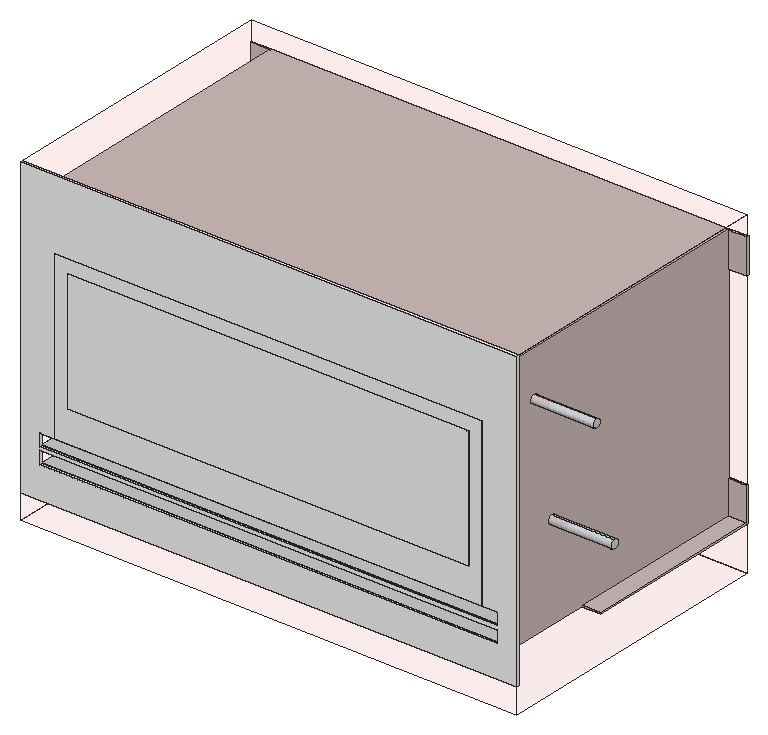
Revit family "Air-Curtain_Customer-Entry_PoweredAire_ECC-ST", category Mechanical Equipment, host Face, Revit 2019
Family settings
  Host = Face
  Round Connector Dimension = Use Diameter
  Part Type = Normal
  OmniClass Number = 23.75.35.17.21
  OmniClass Title = Air Curtains
  Cut with Voids When Loaded = No
  Shared = No
  Room Calculation Point = No
Parameters
  upperpiperotation [instance] = if(Upper Pipe Connection Side A, 0.00°, 180.00°)  # 0.00°
  lowerpiperotation [instance] = if(Lower Pipe Connection Side A, 0.00°, 180.00°)  # 0.00°
  locateupperpipe [instance] = if(Upper Pipe Connection Side A, 0' 0", Nozzle Width)  # 0' - 0"
  locatelowerpipe [instance] = if(Lower Pipe Connection Side A, 0' 0", Nozzle Width)  # 0' - 0"
  Warranty Duration (Years) = 0
  Upper Pipe Connection Side A [instance] = yes
  Unit Width Notes = "Other Widths available."  # constant formula
  Unit Width = 3' - 3"
  Unit Weight = 0
  Unit Height = 1' - 10 3/4"
  Unit Depth = 1' - 11 1/4"
  URL = "http://www.poweredaire.com/"
  Test Data = ""
  Standards Conformance = "as Specified"
  Specification = "http://www.arcat.com/sdspecs/htm04/23_34_33pai.htm"
  SpecWizard = ""
  Sound Pressure = "as Specified"
  Sales Information = "http://www.poweredaire.com/contact_us"
  Revision = "R1_2016-08"
  Projection from Host [instance] = 0' - 2"
  Product Properties = ""
  Product Data = "http://www.arcat.com/arcatcos/cos47/arc47623.html"
  Power Rating = 0 W
  Piping_Water Flow [instance] = 0 GPM
  Piping_Operating Pressure [instance] = 0.00 psi
  Piping_Exit Temperature [instance] = 0 °F
  Piping_Entry Temperature [instance] = 0 °F
  Pipe OD [instance] = 5/8"
  Nozzle Width = if(1 = 1, Unit Width - 0' 3", 0' 0")  # 3' - 0"
  Mounting Width = if(1 = 1, Unit Width - 0' 1 1/2", 0' 0")  # 3' - 1 1/2"
  Mounting Height [instance] = 3' - 6"
  Motor RPM = 0
  Motor HP = 0
  Motor Count = 0
  Model = "As Specified"
  Max Height = 0' - 0"
  Manufacturer Website = "http://www.poweredaire.com/"
  Manufacturer Phone - Toll Free = "888-321-2473"
  Manufacturer Phone = "724-588-3305"
  Manufacturer Fax = "724-588-3371"
  Manufacturer Address = "109 Mortensen Rd.  Greenville, PA 16125"
  Manufacturer = "Powered Aire, Inc"
  Maintenance Schedule (Months) = 0
  Lower Pipe Connection Side A [instance] = yes
  Keynote = "23 34 33"
  Installation-Fabrication = ""
  Installation Phase = ""
  Include Clearance [instance] = yes
  Heating Element Load = 0 W
  HVAC_Temperature Rise = 0 °F
  HVAC_Outlet Volume = 0 CFM
  HVAC_Outlet Velocity Uniformity = 0
  HVAC_Outlet Velocity = 0 FPM
  HVAC_BTU Input = 0.0 Btu/h
  Green Building-LEED = "http://www.arcat.com/green/clients/leed_data_47623.html"
  Front Grating Material [instance] = Metal - Steel - PoweredAire - White Perforated
  Frame Finish [instance] = Metal - Steel - PoweredAire - Stainless 304
  Expected Lifespan (Years) = 0
  Electrical_Wattage [instance] = Power Rating + Heating Element Load  # 0 W
  Electrical_Voltage [instance] = 0 V
  Electrical_Phase [instance] = 1
  Electrical_Frequency [instance] = 0 Hz
  Electrical_Amperage [instance] = 0 A
  Drawn By = "Sumex Design, Inc. / Robert S. Weygant, CSI, CDT, SCIP"
  Description = "Powered Aire Air Curtain as Specified"
  Default Elevation = 0' - 0"  # constant formula
  Cover Finish [instance] = Metal - Steel - PoweredAire - White
  Copyright = "©Arcat Inc."
  Construction Details = "http://www.arcat.com/details/powair/prod3336.html"
  Clearance_Top [instance] = 0' - 0"
  Clearance_Side B [instance] = 0' - 0"
  Clearance_Side A [instance] = 0' - 0"
  Clearance_Intake [instance] = 0' - 0"
  Clearance_Front [instance] = 0' - 0"
  Clearance Material [instance] = ARCAT Clearance
  Building Codes = ""
  Available Options [instance] = "as Specified"
  Assembly Code = "D3090400"
Reference planes (in)
  plane 1 "Center (Elevation)": y = 11.51318
  plane 2: z = 0
  plane 3 "Center (Left/Right)": x = 0
  plane 4: y = 22.88818
  plane 5: y = 0.13818
  plane 6: x = -19.5
  plane 7: x = 19.5
  plane 8: z = 25.25
  plane 9 "FF": y = -41.86182
  plane 10: z = 2
  plane 11: x = 18
  plane 12: x = -18
  plane 13: y = 22.88818
  plane 14: y = 0.13818
  plane 15: x = -19.5
  plane 16: x = 19.5
  plane 17: z = 25.25
  plane 18: y = 0.38818
  plane 19: x = 18
  plane 20: x = 18
  plane 21: z = 20.25
  plane 22: z = 11
Forms (in)
  Extrusion 1, solid, material "ARCAT Clearance" <- "Clearance Material", visible <- "Include Clearance"
    sketch origin (0, 0, 0) x (0, 1, 0) y (0, 0, 1)
      loop
        line (0.13818, 25.25) -> (0.13818, 0) -> (22.88818, 0) -> (22.88818, 25.25) -> (0.13818, 25.25)
    from -19.5 to 19.5
  Extrusion 2, solid, material "Metal - Steel - PoweredAire - White" <- "Cover Finish"
    sketch origin (0, 11.51318, 0) x (1, 0, 0) y (0, 0, 1)
      loop
        line (-19.5, 25.25) -> (-19.5, 2) -> (19.5, 2) -> (19.5, 25.25) -> (-19.5, 25.25)
    from 11.125 to 11.375
  Extrusion 3, solid, material "Metal - Steel - PoweredAire - Stainless 304" <- "Frame Finish"
    sketch origin (0, 11.51318, 0) x (1, 0, 0) y (0, 0, 1)
      loop
        line (18, 23.75) -> (-18, 23.75) -> (-18, 3.5) -> (18, 3.5) -> (18, 23.75)
    from -11.375 to 11.125
  Extrusion 4, void
    sketch origin (0, 0, 0) x (0, 1, 0) y (0, 0, 1)
      loop
        line (0.13818, 5.5) -> (0.13818, 4.5) -> (1.88818, 4.5) -> (1.88818, 6.75) -> (0.13818, 6.75) -> (0.13818, 5.75) -> (1.63818, 5.75) -> (1.63818, 5.5) -> (0.13818, 5.5)
    from -18 to 18
  Extrusion 5, solid, material "Metal - Steel - PoweredAire - White" <- "Cover Finish"
    sketch origin (-11.83813, 0.13818, 48) x (-1, 0, 0) y (0, 0, 1)
      loop
        line (4.91187, -41.25) -> (4.91187, -28.25) -> (-28.58813, -28.25) -> (-28.58813, -41.25) -> (4.91187, -41.25)
    from 0 to -0.03125
  Extrusion 6, solid, material "Metal - Steel - PoweredAire - White Perforated" <- "Front Grating Material"
    sketch origin (-11.83813, 0.10693, 48) x (1, 0, 0) y (0, 0, 1)
      loop
        line (-3.91187, -29.25) -> (-3.91187, -38.75) -> (27.58813, -38.75) -> (27.58813, -29.25) -> (-3.91187, -29.25)
    from 0 to 0.03125
  Extrusion 7, solid, material "Metal - Steel - PoweredAire - Stainless 304" <- "Frame Finish"
    sketch origin (-15.17702, -180, 2) x (-1, 0, 0) y (0, -1, 0)
      loop
        line (-33.17702, -202.88818) -> (-33.17702, -188.38818) -> (-34.67702, -188.38818) -> (-34.67702, -202.88818) -> (-33.17702, -202.88818)
      loop
        line (2.82298, -202.88818) -> (4.32298, -202.88818) -> (4.32298, -188.38818) -> (2.82298, -188.38818) -> (2.82298, -202.88818)
    from 1.5 to 1.625
  Extrusion 8, solid, material "Metal - Steel - PoweredAire - Stainless 304" <- "Frame Finish"
    sketch origin (-11.83813, 22.88818, 48) x (-1, 0, 0) y (0, 0, 1)
      loop
        line (7.66187, -44.5) -> (7.66187, -41.75) -> (6.16187, -41.75) -> (6.16187, -44.5) -> (7.66187, -44.5)
      loop
        line (-31.33813, -44.5) -> (-29.83813, -44.5) -> (-29.83813, -41.75) -> (-31.33813, -41.75) -> (-31.33813, -44.5)
      loop
        line (7.66187, -27) -> (7.66187, -24.25) -> (6.16187, -24.25) -> (6.16187, -27) -> (7.66187, -27)
      loop
        line (-31.33813, -27) -> (-29.83813, -27) -> (-29.83813, -24.25) -> (-31.33813, -24.25) -> (-31.33813, -27)
    from 0 to -0.125
  Sweep 9, solid
    path origin (18, 11.51318, 20.25) x (1, 0, 0) y (0, 0, 1)
      loop
        line (0, 0) -> (5, 0)
    profile origin (20.5, 11.51318, 20.25) x (0, 0, 1) y (0, -1, 0)
      loop
        circle (0, 7.875) r 0.3125
  Sweep 10, solid
    path origin (18, 11.51318, 11) x (1, 0, 0) y (0, 0, 1)
      loop
        line (0, 0) -> (5, 0)
    profile origin (20.5, 11.51318, 11) x (0, 0, 1) y (0, -1, 0)
      loop
        circle (0, 6.125) r 0.3125
Cuts and joins
  Extrusion 4 cuts Extrusion 1
  Extrusion 4 cuts Extrusion 2
  Extrusion 4 cuts Extrusion 3
Lines and regions (in)
  reference lines
    curve 1: line (18, 11.51318, 20.25) -> (25.75, 11.51318, 20.25)
    curve 2: line (18, 11.51318, 11) -> (26.25, 11.51318, 11)
Dimensions and locks (in)
  equal spacing: plane 4, plane 1 "Center (Elevation)", plane 5
  "Unit Height": plane 4 to plane 5
  equal spacing: plane 6, plane 3 "Center (Left/Right)", plane 7
  "Unit Width": plane 6 to plane 7
  "Mounting Height": plane 5 to plane 9 "FF"
  "Projection from Host": plane 10 to level
  "Unit Depth": plane 8 to plane 10
  locked: plane 6 to plane 12 at 1.5
  locked: plane 11 to plane 7 at 1.5
  "Clearance_Side A": plane 7 to plane 16
  "Clearance_Side B": plane 15 to plane 6
  "Clearance_Top": plane 13 to plane 4
  "Clearance_Intake": plane 5 to plane 14
  "Clearance_Front": plane 17 to plane 8
  locked: plane 8 to Extrusion 3 sketch curve at 1.5
  locked: Extrusion 3 sketch curve to plane 10 at 1.5
  locked: plane 7 to Extrusion 3 sketch curve at 1.5
  locked: Extrusion 3 sketch curve to plane 6 at 1.5
  locked: plane 18 to plane 5 at 0.25
  Extrusion 4 sketch curve to Extrusion 4 sketch curve to Extrusion 4 sketch curve to Extrusion 4 sketch curve to plane 10 = 0' - 1" locked, 0' - 0 1/4" locked, 0' - 1" locked, 0' - 2 1/2" locked
  Extrusion 5 sketch curve to Extrusion 5 sketch curve to plane 10 = 1' - 1" locked, 0' - 4 3/4" locked
  locked: plane 11 to Extrusion 5 sketch curve at 1.25
  locked: Extrusion 5 sketch curve to plane 12 at 1.25
  Extrusion 6 sketch curve to Extrusion 6 sketch curve to plane 10 = 0' - 9 1/2" locked, 0' - 7 1/4" locked
  locked: Extrusion 6 sketch curve to plane 12 at 2.25
  locked: plane 11 to Extrusion 6 sketch curve at 2.25
  locked: plane 4 to Extrusion 7 sketch curve at 14.5  (x2)
  Extrusion 8 sketch curve to Extrusion 8 sketch curve to Extrusion 8 sketch curve to Extrusion 8 sketch curve to plane 10 = 0' - 2 3/4" locked, 1' - 2 3/4" locked, 0' - 2 3/4" locked, 0' - 1 1/2" locked  (x2)
  "locatelowerpipe": plane 19 to plane 11
  "locateupperpipe": plane 20 to plane 11
  locked: plane 8 to plane 21 at 5
  locked: plane 22 to plane 10 at 9
  locked: curve 1 to Sweep 9 sketch curve at 5
  locked: curve 1 to Sweep 9 sketch curve
  locked: curve 2 to Sweep 10 sketch curve at 5
  locked: curve 2 to Sweep 10 sketch curve
  locked: plane 5 to Sweep 9 sketch curve at 3.5
  locked: plane 5 to Sweep 10 sketch curve at 5.25
  "lowerpiperotation": angle plane 21 to curve 1
  "upperpiperotation": angle plane 22 to curve 2
  aligned and locked: plane 2 to host face
  aligned and locked: level to host face
  aligned and locked: Extrusion 1 sketch curve to plane 17
  aligned and locked: plane 14 to Extrusion 1 sketch curve
  aligned and locked: level to Extrusion 1 sketch curve
  aligned and locked: Extrusion 1 sketch curve to plane 13
  aligned and locked: plane 16 to Extrusion 1
  aligned and locked: Extrusion 1 to plane 15
  aligned and locked: Extrusion 2 sketch curve to plane 8
  aligned and locked: plane 6 to Extrusion 2 sketch curve
  aligned and locked: Extrusion 2 sketch curve to plane 10
  aligned and locked: Extrusion 2 sketch curve to plane 7
  aligned and locked: Extrusion 3 to plane 4
  aligned and locked: Extrusion 3 to plane 18
  aligned and locked: Extrusion 2 to plane 18
  aligned and locked: Extrusion 2 to plane 5
  aligned and locked: plane 11 to Extrusion 4
  aligned and locked: Extrusion 4 to plane 12
  aligned and locked: Extrusion 7 sketch curve to plane 4  (x2)
  aligned and locked: plane 20 to curve 2
  aligned and locked: plane 22 to curve 2
  aligned and locked: plane 19 to curve 1
  aligned and locked: plane 21 to curve 1
Automatic sketch dimensions
  host sketch curve to host sketch curve = 8' - 0"  (x2)
  Extrusion 4 sketch curve to plane 5 = 0' - 0"  (x2)
  plane 18 to Extrusion 4 sketch curve = 0' - 1 1/4"
  Extrusion 4 sketch curve to Extrusion 4 sketch curve = 0' - 0 1/4"
  Extrusion 7 sketch curve to plane 7 = 0' - 0"
  Extrusion 7 sketch curve to plane 11 = 0' - 0"
  Extrusion 7 sketch curve to plane 12 = 0' - 0"
  Extrusion 7 sketch curve to plane 6 = 0' - 0"
  Extrusion 8 sketch curve to plane 7 = 0' - 0"  (x2)
  Extrusion 8 sketch curve to plane 11 = 0' - 0"  (x2)
  Extrusion 8 sketch curve to plane 12 = 0' - 0"  (x2)
  Extrusion 8 sketch curve to plane 6 = 0' - 0"  (x2)
  profile plane to Sweep 9 sketch curve = 0' - 0"
  profile plane to Sweep 10 sketch curve = 0' - 0"
  radius of Sweep 9 sketch curve = 0' - 0 5/16"
  radius of Sweep 10 sketch curve = 0' - 0 5/16"
Connectors (in)
  electrical at (-18, 6.38818, 9.625), driven by "Electrical_Voltage", driven by "Electrical_Phase"
    settings: on cut or joined group of Extrusion 3, Extrusion 4, index 1, voltage 0 V, apparent load 0 VA, apparent load phase1 0 VA, apparent load phase2 0 VA, apparent load phase3 0 VA, power factor 1, load classification "Other", number of poles 1, system type 31, power factor state 1, is connector primary yes, connector utility no, sub classification motor no, connector description ""
  piping at (23, 3.63818, 20.25), diameter 0.625, driven by "Pipe OD"
    settings: on Sweep 9, index 2, connector inside diameter 24", connector length 0' - 0", flow factor 0, pipe flow 0 GPM, pressure drop 0.00 psi, fitting loss kfactor 0, connector angle 0.00°, fixture units 0, engagement length 0' - 0", angle of deflection 0.00°, flow configuration 0, flow direction 0, fitting loss method 0, system type 29, joint type 0, gender type 0, connector reference index -1, connector utility 0, adjustable connector no, is connector primary no, connector description "Define Supply or Return and Location"
  piping at (23, 5.38818, 11), diameter 0.625, driven by "Pipe OD"
    settings: on Sweep 10, index 3, connector inside diameter 24", connector length 0' - 0", flow factor 0, pipe flow 0 GPM, pressure drop 0.00 psi, fitting loss kfactor 0, connector angle 0.00°, fixture units 0, engagement length 0' - 0", angle of deflection 0.00°, flow configuration 0, flow direction 0, fitting loss method 0, system type 29, joint type 0, gender type 0, connector reference index -1, connector utility 0, adjustable connector no, is connector primary yes, connector description "Define Supply or Return and Location"
